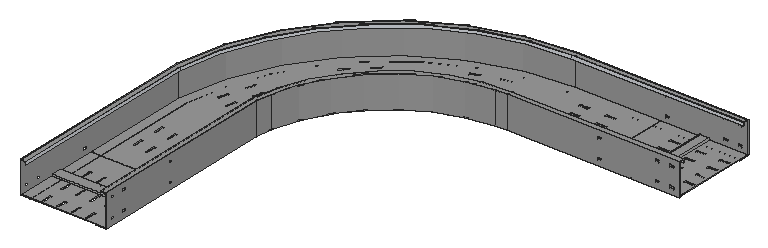
Revit family "Bogen 90- WRB 90130FS", category Generic Models, Revit 2017
Family settings
  Can host rebar = No
  Round Connector Dimension = Use Diameter
  Part Type = Normal
  Work Plane-Based = No
  Always vertical = Yes
  Cut with Voids When Loaded = No
  Shared = No
  Room Calculation Point = No
Parameters (values of type "WRB 90 130 FS")
  URL = "http://www.obo-bettermann.com"
  Material = Strip galvanised
  Manufacturer Art.No. = "6098308"
  Manufacturer = "OBO BETTERMANN"
  GTIN = "4012196351916"
  Cut's number = 2
  Article Type = "WRB 90 130 FS"
Reference planes
  plane 1 "Center (Front/Back)": y = 0
  plane 2: z = 0
  plane 3 "Center (Left/Right)": x = 0
  plane 4: y = 293
  plane 5: x = 1096.5
  plane 6: z = -1096.5
  plane 7: x = 1096.5
  plane 8: x = 1096.5
  plane 9: through (1096.5, -1524, -1096.5) normal (-0.7071, 0, -0.7071)
  plane 10: y = -1096.5
  plane 11: through (1096.5, -1096.5, 1200) normal (-0.7071, -0.7071, 0)
  plane 12: x = 796.5
  plane 13: x = 796.5
  plane 14: y = -1096.5
  plane 15: y = -796.5
  plane 16: y = -946.5
  plane 17: y = -961.5
  plane 18: y = -931.5
  plane 19: z = 6.33
  plane 20: y = -796.5
  plane 21: z = -1.649
  plane 22: z = 108.351
  plane 23: z = 106.851
  plane 24: z = 96.851
  plane 25: y = -1071.5
  plane 26: x = -146.5
  plane 27: x = -121.5
  plane 28: x = -171.5
  plane 29: y = -1071.5
  plane 30: x = -96.5
  plane 31: x = -71.5
  plane 32: x = -121.5
  plane 33: y = -1071.5
  plane 34: x = -196.5
  plane 35: x = -171.5
  plane 36: x = -221.5
  plane 37: y = -1071.5
  plane 38: x = -246.5
  plane 39: x = -221.5
  plane 40: x = -271.5
  plane 41: y = -946.5
  plane 42: y = -991.5
  plane 43: y = -1071.5
  plane 44: y = -991.5
  plane 45: x = -146.5
  plane 46: x = -121.5
  plane 47: x = -171.5
  plane 48: y = -991.5
  plane 49: x = -96.5
  plane 50: x = -71.5
  plane 51: x = -121.5
  plane 52: y = -991.5
  plane 53: x = -196.5
  plane 54: x = -171.5
  plane 55: x = -221.5
  plane 56: y = -991.5
  plane 57: x = -246.5
  plane 58: x = -221.5
  plane 59: x = -271.5
  plane 60: y = -901.5
  plane 61: x = -146.5
  plane 62: x = -121.5
  plane 63: x = -171.5
  plane 64: y = -901.5
  plane 65: x = -96.5
  plane 66: x = -71.5
  plane 67: x = -121.5
  plane 68: y = -901.5
  plane 69: x = -196.5
  plane 70: x = -171.5
  plane 71: x = -221.5
  plane 72: y = -901.5
  plane 73: x = -246.5
  plane 74: x = -221.5
  plane 75: x = -271.5
  plane 76: x = 1096.5
  plane 77: x = 796.5
  plane 78: x = 946.5
  plane 79: x = 961.5
  plane 80: x = 931.5
  plane 81: z = 6.33
  plane 82: x = 1071.5
  plane 83: y = 146.5
  plane 84: y = 121.5
  plane 85: y = 171.5
  plane 86: x = 1071.5
  plane 87: y = 196.5
  plane 88: y = 171.5
  plane 89: y = 221.5
  plane 90: x = 1071.5
  plane 91: y = 246.5
  plane 92: y = 221.5
  plane 93: y = 271.5
  plane 94: x = 1071.5
  plane 95: y = 96.5
  plane 96: y = 71.5
  plane 97: y = 121.5
  plane 98: x = 1071.5
  plane 99: y = 146.5
  plane 100: y = 121.5
  plane 101: y = 171.5
  plane 102: x = 991.5
  plane 103: y = 146.5
  plane 104: y = 121.5
  plane 105: y = 171.5
  plane 106: x = 991.5
  plane 107: y = 196.5
  plane 108: y = 171.5
  plane 109: y = 221.5
  plane 110: x = 991.5
  plane 111: y = 246.5
  plane 112: y = 221.5
  plane 113: y = 271.5
  plane 114: x = 991.5
  plane 115: y = 96.5
  plane 116: y = 71.5
  plane 117: y = 121.5
  plane 118: x = 901.5
  plane 119: y = 146.5
  plane 120: y = 121.5
  plane 121: y = 171.5
  plane 122: x = 901.5
  plane 123: y = 196.5
  plane 124: y = 171.5
  plane 125: y = 221.5
  plane 126: x = 901.5
  plane 127: y = 246.5
  plane 128: y = 221.5
  plane 129: y = 271.5
  plane 130: x = 901.5
  plane 131: y = 96.5
  plane 132: y = 71.5
  plane 133: y = 121.5
  plane 134: through (796.5, -796.5, 1200) normal (-0.1564, -0.9877, 0)
  plane 135: through (796.5, -796.5, 1200) normal (-0.1564, -0.9877, 0)
  plane 136: through (796.5, -796.5, 1200) normal (-0.454, -0.891, 0)
  plane 137: through (796.5, -796.5, 1200) normal (-0.7071, -0.7071, 0)
  plane 138: through (796.5, -796.5, 1200) normal (-0.891, -0.454, 0)
  plane 139: through (796.5, -796.5, 1200) normal (-0.9877, -0.1564, 0)
  plane 140: z = 85.851
  plane 141: z = 20.851
  plane 142: x = 1071.5
  plane 143: z = 20.851
  plane 144: z = -44.149
  plane 145: x = 1071.5
  plane 146: z = 85.851
  plane 147: z = 20.851
  plane 148: x = 1071.5
  plane 149: z = 85.851
  plane 150: z = 20.851
  plane 151: x = 1021.5
  plane 152: z = 20.851
  plane 153: z = -44.149
  plane 154: x = 1021.5
  plane 155: z = 85.851
  plane 156: z = 20.851
  plane 157: x = 821.5
  plane 158: z = 20.851
  plane 159: z = -44.149
  plane 160: x = 821.5
  plane 161: z = 85.851
  plane 162: z = 20.851
  plane 163: x = 821.5
  plane 164: z = 85.851
  plane 165: z = 20.851
  plane 166: y = -1071.5
  plane 167: z = 20.851
  plane 168: z = -44.149
  plane 169: y = -1071.5
  plane 170: z = 85.851
  plane 171: z = 20.851
  plane 172: y = -1021.5
  plane 173: z = 20.851
  plane 174: z = -44.149
  plane 175: y = -1021.5
  plane 176: z = 85.851
  plane 177: z = 20.851
  plane 178: y = -821.5
  plane 179: z = 20.851
  plane 180: z = -44.149
  plane 181: y = -821.5
  plane 182: x = -146.5
Forms (mm)
  Extrusion 1, solid, material "Strip galvanised" <- "Material"
    sketch origin (0, 15.95, -0.17) x (0, -1, 0) y (0, 0, -1)
      loop
        line (1112.45, -0.021) -> (980.238, -0.021) -> (977.45, -5) -> (947.45, -5) -> (944.563, 0) -> (812.45, 0) -> (812.45, -1.5) -> (943.697, -1.5) -> (946.584, -6.5) -> (978.316, -6.5) -> (981.105, -1.521) -> (1112.45, -1.521) -> (1112.45, -0.021)
    from 0 to -293
  Extrusion 2, solid, material "Strip galvanised" <- "Material"
    sketch origin (0, 0, 0) x (1, 0, 0) y (0, 1, 0)
      loop
        arc (463.565, -1.539) -> (482.519, -0.447) -> (501.5, 0) r 557.897
        line (501.5, 0) -> (796.5, 0) -> (796.5, 293) -> (496.5, 293)
        arc (496.5, 293) -> (462.173, 292.162) -> (427.927, 289.648) r 703.136
        arc (427.927, 289.648) -> (-59.388, 63.604) -> (-293, -420.129) r 798
        line (-293, -420.129) -> (-293, -796.5) -> (0, -796.5) -> (0, -443.283)
        arc (0, -443.283) -> (152.817, -139.545) -> (463.565, -1.539) r 505
    from -0.149 to 1.33
  Extrusion 3, solid, material "Strip galvanised" <- "Material"
    sketch origin (0, 0, 0) x (1, 0, 0) y (0, 1, 0)
      loop
        line (1096.5, 293) -> (796.5, 293) -> (502.349, 293)
        arc (502.349, 293) -> (-32.806, 87.553) -> (-293, -423.23) r 799.719
        line (-293, -423.23) -> (-293, -796.5) -> (-293, -1096.5) -> (-258, -1096.5) -> (-258, -796.5) -> (-258, -424.953)
        arc (-258, -424.953) -> (-12.345, 61.905) -> (496.5, 258) r 758.248
        line (496.5, 258) -> (796.5, 258) -> (1096.5, 258) -> (1096.5, 293)
    from -1.649 to 0
  Extrusion 4, solid, material "Strip galvanised" <- "Material"
    sketch origin (0, 0, 0) x (1, 0, 0) y (0, 1, 0)
      loop
        line (1096.5, 0) -> (1096.5, 35) -> (500.499, 35)
        arc (500.499, 35) -> (484.284, 34.634) -> (468.083, 33.848) r 627.374
        arc (468.083, 33.848) -> (148.897, -95.887) -> (-26.866, -392.227) r 540
        arc (-26.866, -392.227) -> (-32.143, -422.745) -> (-35, -453.583) r 392.897
        line (-35, -453.583) -> (-35, -1096.5) -> (0, -1096.5) -> (0, -453.583)
        arc (0, -453.583) -> (2.663, -426.426) -> (7.36, -399.545) r 362.597
        arc (7.36, -399.545) -> (162.006, -131.004) -> (444.376, -3.342) r 505
        arc (444.376, -3.342) -> (472.393, -0.923) -> (500.499, 0) r 527.89
        line (500.499, 0) -> (1096.5, 0)
    from -1.649 to -0.149
  Extrusion 5, solid, material "Strip galvanised"
    sketch origin (0, 0, 0) x (1, 0, 0) y (0, 1, 0)
      loop
        line (1096.5, 293) -> (1096.5, 294.5) -> (502.349, 294.5)
        arc (502.349, 294.5) -> (-32.802, 89.701) -> (-294.5, -420.047) r 801.589
        line (-294.5, -420.047) -> (-294.5, -1096.5) -> (-293, -1096.5) -> (-293, -420.129)
        arc (-293, -420.129) -> (-31.77, 88.611) -> (502.349, 293) r 800.089
        line (502.349, 293) -> (1096.5, 293)
    from -1.649 to 108.351
  Extrusion 6, solid, material "Strip galvanised" <- "Material"
    sketch origin (0, 0, 0) x (1, 0, 0) y (0, 1, 0)
      loop
        line (1096.5, 0) -> (501.5, 0)
        arc (501.5, 0) -> (482.519, -0.447) -> (463.565, -1.539) r 557.897
        arc (463.565, -1.539) -> (169.208, -124.599) -> (7.36, -399.545) r 505
        arc (7.36, -399.545) -> (2.663, -426.426) -> (0, -453.583) r 362.597
        line (0, -453.583) -> (0, -1096.5) -> (1.5, -1096.5) -> (1.5, -453.628)
        arc (1.5, -453.628) -> (4.152, -426.606) -> (8.827, -399.859) r 361.097
        arc (8.827, -399.859) -> (170.194, -125.73) -> (463.676, -3.035) r 503.5
        arc (463.676, -3.035) -> (482.578, -1.946) -> (501.505, -1.5) r 556.397
        line (501.505, -1.5) -> (1096.5, -1.5) -> (1096.5, 0)
    from -1.649 to 108.351
  Extrusion 7, solid
    sketch origin (0, 0, 0) x (1, 0, 0) y (0, 1, 0)
      loop
        line (1096.5, 274.5) -> (1096.5, 276) -> (502.349, 276)
        arc (502.349, 276) -> (-25.53, 70.703) -> (-276, -437.302) r 781.315
        line (-276, -437.302) -> (-276, -1096.5) -> (-274.5, -1096.5) -> (-274.5, -437.367)
        arc (-274.5, -437.367) -> (-24.493, 69.619) -> (502.349, 274.5) r 779.815
        line (502.349, 274.5) -> (1096.5, 274.5)
      loop
        line (1096.5, 18.5) -> (501.505, 18.5)
        arc (501.505, 18.5) -> (150.613, -116.847) -> (-18.5, -452.771) r 522.525
        line (-18.5, -452.771) -> (-18.5, -1096.5) -> (-17, -1096.5) -> (-17, -452.845)
        arc (-17, -452.845) -> (151.647, -117.934) -> (501.505, 17) r 521.025
        line (501.505, 17) -> (1096.5, 17) -> (1096.5, 18.5)
    from 96.851 to 106.851
  Extrusion 8, void
    sketch origin (0, 0, 0) x (1, 0, 0) y (0, 1, 0)
      loop
        line (-125, -1055.5) -> (-125, -1087.5) -> (-118, -1087.5) -> (-118, -1055.5) -> (-125, -1055.5)
    from -1.649 to 1.351
  Extrusion 9, void
    sketch origin (50, 0, 0) x (1, 0, 0) y (0, 1, 0)
      loop
        line (-125, -1055.5) -> (-125, -1087.5) -> (-118, -1087.5) -> (-118, -1055.5) -> (-125, -1055.5)
    from -1.649 to 1.351
  Extrusion 10, void
    sketch origin (-50, 0, 0) x (1, 0, 0) y (0, 1, 0)
      loop
        line (-125, -1055.5) -> (-125, -1087.5) -> (-118, -1087.5) -> (-118, -1055.5) -> (-125, -1055.5)
    from -1.649 to 1.351
  Extrusion 11, void
    sketch origin (-100, 0, 0) x (1, 0, 0) y (0, 1, 0)
      loop
        line (-125, -1055.5) -> (-125, -1087.5) -> (-118, -1087.5) -> (-118, -1055.5) -> (-125, -1055.5)
    from -1.649 to 1.351
  Extrusion 12, void
    sketch origin (0, 80, 0) x (1, 0, 0) y (0, 1, 0)
      loop
        line (-125, -1055.5) -> (-125, -1087.5) -> (-118, -1087.5) -> (-118, -1055.5) -> (-125, -1055.5)
    from -1.649 to 1.351
  Extrusion 13, void
    sketch origin (50, 80, 0) x (1, 0, 0) y (0, 1, 0)
      loop
        line (-125, -1055.5) -> (-125, -1087.5) -> (-118, -1087.5) -> (-118, -1055.5) -> (-125, -1055.5)
    from -1.649 to 1.351
  Extrusion 14, void
    sketch origin (-50, 80, 0) x (1, 0, 0) y (0, 1, 0)
      loop
        line (-125, -1055.5) -> (-125, -1087.5) -> (-118, -1087.5) -> (-118, -1055.5) -> (-125, -1055.5)
    from -1.649 to 1.351
  Extrusion 15, void
    sketch origin (-100, 80, 0) x (1, 0, 0) y (0, 1, 0)
      loop
        line (-125, -1055.5) -> (-125, -1087.5) -> (-118, -1087.5) -> (-118, -1055.5) -> (-125, -1055.5)
    from -1.649 to 1.351
  Extrusion 16, void
    sketch origin (0, 170, 0) x (1, 0, 0) y (0, 1, 0)
      loop
        line (-125, -1055.5) -> (-125, -1087.5) -> (-118, -1087.5) -> (-118, -1055.5) -> (-125, -1055.5)
    from -1.649 to 1.351
  Extrusion 17, void
    sketch origin (50, 170, 0) x (1, 0, 0) y (0, 1, 0)
      loop
        line (-125, -1055.5) -> (-125, -1087.5) -> (-118, -1087.5) -> (-118, -1055.5) -> (-125, -1055.5)
    from -1.649 to 1.351
  Extrusion 18, void
    sketch origin (-50, 170, 0) x (1, 0, 0) y (0, 1, 0)
      loop
        line (-125, -1055.5) -> (-125, -1087.5) -> (-118, -1087.5) -> (-118, -1055.5) -> (-125, -1055.5)
    from -1.649 to 1.351
  Extrusion 19, void
    sketch origin (-100, 170, 0) x (1, 0, 0) y (0, 1, 0)
      loop
        line (-125, -1055.5) -> (-125, -1087.5) -> (-118, -1087.5) -> (-118, -1055.5) -> (-125, -1055.5)
    from -1.649 to 1.351
  Extrusion 20, solid, material "Strip galvanised" <- "Material"
    sketch origin (-15.95, 0, -0.17) x (1, 0, 0) y (0, 0, 1)
      loop
        line (1112.45, 0.021) -> (1112.45, 1.521) -> (981.105, 1.521) -> (978.316, 6.5) -> (946.584, 6.5) -> (943.697, 1.5) -> (812.45, 1.5) -> (812.45, 0) -> (944.563, 0) -> (947.45, 5) -> (977.45, 5) -> (980.238, 0.021) -> (1112.45, 0.021)
    from 0 to -293
  Extrusion 21, void
    sketch origin (0, 0, 0) x (0, -1, 0) y (1, 0, 0)
      loop
        line (-125, 1055.5) -> (-118, 1055.5) -> (-118, 1087.5) -> (-125, 1087.5) -> (-125, 1055.5)
    from -1.649 to 1.351
  Extrusion 22, void
    sketch origin (0, 50, 0) x (0, -1, 0) y (1, 0, 0)
      loop
        line (-125, 1055.5) -> (-118, 1055.5) -> (-118, 1087.5) -> (-125, 1087.5) -> (-125, 1055.5)
    from -1.649 to 1.351
  Extrusion 23, void
    sketch origin (0, 100, 0) x (0, -1, 0) y (1, 0, 0)
      loop
        line (-125, 1055.5) -> (-118, 1055.5) -> (-118, 1087.5) -> (-125, 1087.5) -> (-125, 1055.5)
    from -1.649 to 1.351
  Extrusion 24, void
    sketch origin (0, -50, 0) x (0, -1, 0) y (1, 0, 0)
      loop
        line (-125, 1055.5) -> (-118, 1055.5) -> (-118, 1087.5) -> (-125, 1087.5) -> (-125, 1055.5)
    from -1.649 to 1.351
  Extrusion 25, void, not visible
    sketch origin (0, 0, 0) x (0, -1, 0) y (1, 0, 0)
      loop
        line (-125, 1055.5) -> (-118, 1055.5) -> (-118, 1087.5) -> (-125, 1087.5) -> (-125, 1055.5)
    from -1.649 to 1.351
  Extrusion 26, void
    sketch origin (-80, 0, 0) x (0, -1, 0) y (1, 0, 0)
      loop
        line (-125, 1055.5) -> (-118, 1055.5) -> (-118, 1087.5) -> (-125, 1087.5) -> (-125, 1055.5)
    from -1.649 to 1.351
  Extrusion 27, void
    sketch origin (-80, 50, 0) x (0, -1, 0) y (1, 0, 0)
      loop
        line (-125, 1055.5) -> (-118, 1055.5) -> (-118, 1087.5) -> (-125, 1087.5) -> (-125, 1055.5)
    from -1.649 to 1.351
  Extrusion 28, void
    sketch origin (-80, 100, 0) x (0, -1, 0) y (1, 0, 0)
      loop
        line (-125, 1055.5) -> (-118, 1055.5) -> (-118, 1087.5) -> (-125, 1087.5) -> (-125, 1055.5)
    from -1.649 to 1.351
  Extrusion 29, void
    sketch origin (-80, -50, 0) x (0, -1, 0) y (1, 0, 0)
      loop
        line (-125, 1055.5) -> (-118, 1055.5) -> (-118, 1087.5) -> (-125, 1087.5) -> (-125, 1055.5)
    from -1.649 to 1.351
  Extrusion 30, void
    sketch origin (-170, 0, 0) x (0, -1, 0) y (1, 0, 0)
      loop
        line (-125, 1055.5) -> (-118, 1055.5) -> (-118, 1087.5) -> (-125, 1087.5) -> (-125, 1055.5)
    from -1.649 to 1.351
  Extrusion 31, void
    sketch origin (-170, 50, 0) x (0, -1, 0) y (1, 0, 0)
      loop
        line (-125, 1055.5) -> (-118, 1055.5) -> (-118, 1087.5) -> (-125, 1087.5) -> (-125, 1055.5)
    from -1.649 to 1.351
  Extrusion 32, void
    sketch origin (-170, 100, 0) x (0, -1, 0) y (1, 0, 0)
      loop
        line (-125, 1055.5) -> (-118, 1055.5) -> (-118, 1087.5) -> (-125, 1087.5) -> (-125, 1055.5)
    from -1.649 to 1.351
  Extrusion 33, void
    sketch origin (-170, -50, 0) x (0, -1, 0) y (1, 0, 0)
      loop
        line (-125, 1055.5) -> (-118, 1055.5) -> (-118, 1087.5) -> (-125, 1087.5) -> (-125, 1055.5)
    from -1.649 to 1.351
  Extrusion 34, void
    sketch origin (0, 0, 0) x (1, 0, 0) y (0, 1, 0)
      loop
        line (-75, -687.829) -> (-75, -720.228) -> (-68, -721.337) -> (-68, -688.938) -> (-75, -687.829)
      loop
        line (-125, -679.91) -> (-125, -712.309) -> (-118, -713.418) -> (-118, -681.019) -> (-125, -679.91)
      loop
        line (-175, -671.991) -> (-175, -704.39) -> (-168, -705.499) -> (-168, -673.1) -> (-175, -671.991)
      loop
        line (-225, -664.072) -> (-225, -696.471) -> (-218, -697.579) -> (-218, -665.18) -> (-225, -664.072)
    from -1.649 to 1.33
  Extrusion 35, void
    sketch origin (0, 0, 0) x (1, 0, 0) y (0, 1, 0)
      loop
        line (-75, -596.708) -> (-75, -629.106) -> (-68, -630.215) -> (-68, -597.816) -> (-75, -596.708)
      loop
        line (-118, -589.897) -> (-125, -588.788) -> (-125, -621.187) -> (-118, -622.296) -> (-118, -589.897)
      loop
        line (-168, -581.978) -> (-175, -580.869) -> (-175, -613.268) -> (-168, -614.377) -> (-168, -581.978)
      loop
        line (-225, -572.95) -> (-225, -605.349) -> (-218, -606.457) -> (-218, -574.059) -> (-225, -572.95)
      loop
        arc (-41.648, -300.98) -> (-47.076, -316.209) -> (-52.066, -331.587) r 564.26
        line (-52.066, -331.587) -> (-45.734, -334.813)
        arc (-45.734, -334.813) -> (-40.774, -319.421) -> (-35.369, -304.179) r 557.26
        line (-35.369, -304.179) -> (-41.648, -300.98)
      loop
        arc (-86.468, -278.143) -> (-92.047, -293.289) -> (-97.227, -308.576) r 614.26
        line (-97.227, -308.576) -> (-90.91, -311.794)
        arc (-90.91, -311.794) -> (-85.756, -296.496) -> (-80.196, -281.339) r 607.26
        line (-80.196, -281.339) -> (-86.468, -278.143)
      loop
        line (-124.98, -258.521) -> (-131.247, -255.327)
        arc (-131.247, -255.327) -> (-136.954, -270.403) -> (-142.294, -285.613) r 664.26
        line (-142.294, -285.613) -> (-135.989, -288.826)
        arc (-135.989, -288.826) -> (-130.671, -273.606) -> (-124.98, -258.521) r 657.26
      loop
        line (-169.731, -235.719) -> (-175.994, -232.528)
        arc (-175.994, -232.528) -> (-181.811, -247.544) -> (-187.288, -262.688) r 714.26
        line (-187.288, -262.688) -> (-180.992, -265.895)
        arc (-180.992, -265.895) -> (-175.533, -250.743) -> (-169.731, -235.719) r 707.26
      loop
        line (-60.105, -392.585) -> (-66.593, -389.279)
        arc (-66.593, -389.279) -> (-69.583, -405.798) -> (-72.08, -422.398) r 564.26
        line (-72.08, -422.398) -> (-65.467, -425.768)
        arc (-65.467, -425.768) -> (-63.036, -409.136) -> (-60.105, -392.585) r 557.26
      loop
        line (-106.315, -369.04) -> (-112.761, -365.756)
        arc (-112.761, -365.756) -> (-116.127, -382.068) -> (-119.049, -398.466) r 614.26
        line (-119.049, -398.466) -> (-112.5, -401.803)
        arc (-112.5, -401.803) -> (-109.632, -385.379) -> (-106.315, -369.04) r 607.26
      loop
        line (-152.26, -345.63) -> (-158.675, -342.362)
        arc (-158.675, -342.362) -> (-162.354, -358.504) -> (-165.629, -374.733) r 664.26
        line (-165.629, -374.733) -> (-159.128, -378.045)
        arc (-159.128, -378.045) -> (-155.898, -361.794) -> (-152.26, -345.63) r 657.26
      loop
        line (-198, -322.325) -> (-204.389, -319.069)
        arc (-204.389, -319.069) -> (-208.334, -335.067) -> (-211.908, -351.153) r 714.26
        line (-211.908, -351.153) -> (-205.444, -354.446)
        arc (-205.444, -354.446) -> (-201.909, -338.342) -> (-198, -322.325) r 707.26
      loop
        line (143.868, -57.601) -> (138.887, -52.62)
        arc (138.887, -52.62) -> (126.485, -62.819) -> (114.368, -73.356) r 582.688
        line (114.368, -73.356) -> (119.326, -78.313)
        arc (119.326, -78.313) -> (131.452, -67.786) -> (143.868, -57.601) r 575.688
      loop
        line (108.306, -22.039) -> (103.33, -17.063)
        arc (103.33, -17.063) -> (91.014, -27.352) -> (78.962, -37.95) r 632.688
        line (78.962, -37.95) -> (83.918, -42.906)
        arc (83.918, -42.906) -> (95.978, -32.316) -> (108.306, -22.039) r 625.688
      loop
        line (72.775, 13.492) -> (67.803, 18.464)
        arc (67.803, 18.464) -> (55.56, 8.099) -> (43.563, -2.551) r 682.688
        line (43.563, -2.551) -> (48.519, -7.506)
        arc (48.519, -7.506) -> (60.522, 3.137) -> (72.775, 13.492) r 675.688
      loop
        line (37.269, 48.998) -> (32.3, 53.967)
        arc (32.3, 53.967) -> (20.12, 43.537) -> (8.17, 32.842) r 732.688
        line (8.17, 32.842) -> (13.125, 27.887)
        arc (13.125, 27.887) -> (25.08, 38.576) -> (37.269, 48.998) r 725.688
      loop
        line (78.062, -119.075) -> (73.108, -114.12)
        arc (73.108, -114.12) -> (62.435, -126.097) -> (52.096, -138.363) r 582.688
        line (52.096, -138.363) -> (57.07, -143.337)
        arc (57.07, -143.337) -> (67.397, -131.06) -> (78.062, -119.075) r 575.688
      loop
        line (42.675, -83.687) -> (37.721, -78.733)
        arc (37.721, -78.733) -> (26.998, -90.657) -> (16.581, -102.848) r 632.688
        line (16.581, -102.848) -> (21.552, -107.819)
        arc (21.552, -107.819) -> (31.959, -95.618) -> (42.675, -83.687) r 625.688
      loop
        line (7.293, -48.305) -> (2.339, -43.352)
        arc (2.339, -43.352) -> (-8.426, -55.229) -> (-18.91, -67.357) r 682.688
        line (-18.91, -67.357) -> (-13.943, -72.324)
        arc (-13.943, -72.324) -> (-3.468, -60.189) -> (7.293, -48.305) r 675.688
      loop
        line (-28.086, -12.926) -> (-33.039, -7.973)
        arc (-33.039, -7.973) -> (-43.842, -19.812) -> (-54.383, -31.884) r 732.688
        line (-54.383, -31.884) -> (-49.418, -36.849)
        arc (-49.418, -36.849) -> (-38.884, -24.77) -> (-28.086, -12.926) r 725.688
      loop
        line (427.046, 62.957) -> (423.679, 69.567)
        arc (423.679, 69.567) -> (407.086, 67.05) -> (390.572, 64.056) r 582.688
        line (390.572, 64.056) -> (393.814, 57.694)
        arc (393.814, 57.694) -> (410.399, 60.523) -> (427.046, 62.957) r 707.547
      loop
        line (336.056, 43.294) -> (332.828, 49.629)
        arc (332.828, 49.629) -> (317.421, 44.697) -> (302.157, 39.34) r 582.688
        line (302.157, 39.34) -> (305.358, 33.057)
        arc (305.358, 33.057) -> (320.635, 38.391) -> (336.056, 43.294) r 575.688
      loop
        line (403.035, 110.083) -> (399.697, 116.634)
        arc (399.697, 116.634) -> (383.287, 113.732) -> (366.96, 110.397) r 630
        line (366.96, 110.397) -> (370.247, 103.947)
        arc (370.247, 103.947) -> (386.6, 107.234) -> (403.035, 110.083) r 623
      loop
        line (379.268, 156.727) -> (375.954, 163.231)
        arc (375.954, 163.231) -> (359.711, 159.982) -> (343.552, 156.339) r 680
        line (343.552, 156.339) -> (346.822, 149.92)
        arc (346.822, 149.92) -> (363.003, 153.524) -> (379.268, 156.727) r 673
      loop
        arc (352.363, 209.531) -> (336.262, 205.988) -> (320.245, 202.082) r 730
        line (320.245, 202.082) -> (323.502, 195.688)
        arc (323.502, 195.688) -> (339.538, 199.56) -> (355.658, 203.065) r 723
        line (355.658, 203.065) -> (352.363, 209.531)
      loop
        line (266.975, 178.874) -> (263.765, 185.173)
        arc (263.765, 185.173) -> (248.587, 179.765) -> (233.532, 174.022) r 730
        line (233.532, 174.022) -> (236.725, 167.756)
        arc (236.725, 167.756) -> (251.788, 173.484) -> (266.975, 178.874) r 723
      loop
        arc (286.706, 140.15) -> (271.46, 134.881) -> (256.344, 129.252) r 680
        line (256.344, 129.252) -> (259.539, 122.981)
        arc (259.539, 122.981) -> (274.665, 128.593) -> (289.92, 133.841) r 673
        line (289.92, 133.841) -> (286.706, 140.15)
      loop
        arc (309.685, 95.05) -> (294.361, 89.944) -> (279.174, 84.445) r 630
        line (279.174, 84.445) -> (282.372, 78.169)
        arc (282.372, 78.169) -> (297.57, 83.647) -> (312.906, 88.729) r 623
        line (312.906, 88.729) -> (309.685, 95.05)
      loop
        line (721.337, 68) -> (720.228, 75) -> (687.829, 75) -> (688.938, 68) -> (721.337, 68)
      loop
        line (713.418, 118) -> (712.309, 125) -> (679.91, 125) -> (681.019, 118) -> (713.418, 118)
      loop
        line (705.499, 168) -> (704.39, 175) -> (671.991, 175) -> (673.1, 168) -> (705.499, 168)
      loop
        line (697.579, 218) -> (696.471, 225) -> (664.072, 225) -> (665.18, 218) -> (697.579, 218)
      loop
        line (630.215, 68) -> (629.106, 75) -> (596.708, 75) -> (597.816, 68) -> (630.215, 68)
      loop
        line (622.296, 118) -> (621.187, 125) -> (588.788, 125) -> (589.897, 118) -> (622.296, 118)
      loop
        line (614.377, 168) -> (613.268, 175) -> (581.423, 175) -> (582.532, 168) -> (614.377, 168)
      loop
        line (606.457, 218) -> (605.349, 225) -> (572.95, 225) -> (574.059, 218) -> (606.457, 218)
    from -1.649 to 1.33
  Extrusion 36, void
    sketch origin (0, 0, 0) x (1, 0, 0) y (0, 0, 1)
      loop
        line (1064, 90.351) -> (1064, 81.351) -> (1079, 81.351) -> (1079, 90.351) -> (1064, 90.351)
    from 0 to 1.5
  Extrusion 37, void
    sketch origin (0, 0, -65) x (1, 0, 0) y (0, 0, 1)
      loop
        line (1064, 90.351) -> (1064, 81.351) -> (1079, 81.351) -> (1079, 90.351) -> (1064, 90.351)
    from 0 to 1.5
  Extrusion 38, void, not visible
    sketch origin (0, 0, 0) x (1, 0, 0) y (0, 0, 1)
      loop
        line (1064, 90.351) -> (1064, 81.351) -> (1079, 81.351) -> (1079, 90.351) -> (1064, 90.351)
    from 0 to 1.5
  Extrusion 39, void
    sketch origin (-50, 0, 0) x (1, 0, 0) y (0, 0, 1)
      loop
        line (1064, 90.351) -> (1064, 81.351) -> (1079, 81.351) -> (1079, 90.351) -> (1064, 90.351)
    from 0 to 1.5
  Extrusion 40, void
    sketch origin (-50, 0, -65) x (1, 0, 0) y (0, 0, 1)
      loop
        line (1064, 90.351) -> (1064, 81.351) -> (1079, 81.351) -> (1079, 90.351) -> (1064, 90.351)
    from 0 to 1.5
  Extrusion 41, void
    sketch origin (-250, 0, 0) x (1, 0, 0) y (0, 0, 1)
      loop
        line (1064, 90.351) -> (1064, 81.351) -> (1079, 81.351) -> (1079, 90.351) -> (1064, 90.351)
    from 0 to 1.5
  Extrusion 42, void
    sketch origin (-250, 0, -65) x (1, 0, 0) y (0, 0, 1)
      loop
        line (1064, 90.351) -> (1064, 81.351) -> (1079, 81.351) -> (1079, 90.351) -> (1064, 90.351)
    from 0 to 1.5
  Extrusion 43, void
    sketch origin (0, 0, 0) x (1, 0, 0) y (0, 0, 1)
      loop
        line (1079, 90.351) -> (1064, 90.351) -> (1064, 81.351) -> (1079, 81.351) -> (1079, 90.351)
      loop
        line (1029, 90.351) -> (1014, 90.351) -> (1014, 81.351) -> (1029, 81.351) -> (1029, 90.351)
    from -294.5 to -293
  Extrusion 44, void
    sketch origin (0, 0, -65) x (1, 0, 0) y (0, 0, 1)
      loop
        line (1079, 90.351) -> (1064, 90.351) -> (1064, 81.351) -> (1079, 81.351) -> (1079, 90.351)
      loop
        line (1029, 90.351) -> (1014, 90.351) -> (1014, 81.351) -> (1029, 81.351) -> (1029, 90.351)
    from -294.5 to -293
  Extrusion 45, void
    sketch origin (-250, 0, 0) x (1, 0, 0) y (0, 0, 1)
      loop
        line (1064, 90.351) -> (1064, 81.351) -> (1079, 81.351) -> (1079, 90.351) -> (1064, 90.351)
    from 0 to 1.5
  Extrusion 46, void
    sketch origin (-200, 0, 0) x (1, 0, 0) y (0, 0, 1)
      loop
        line (1029, 90.351) -> (1014, 90.351) -> (1014, 81.351) -> (1029, 81.351) -> (1029, 90.351)
    from -294.5 to -293
  Extrusion 47, void
    sketch origin (-200, 0, -65) x (1, 0, 0) y (0, 0, 1)
      loop
        line (1029, 90.351) -> (1014, 90.351) -> (1014, 81.351) -> (1029, 81.351) -> (1029, 90.351)
    from -294.5 to -293
  Extrusion 48, solid, material "Strip galvanised" <- "Material"
    sketch origin (0, 0, 0) x (1, 0, 0) y (0, 1, 0)
      loop
        line (1096.5, 293) -> (796.5, 293) -> (502.453, 293)
        arc (502.453, 293) -> (-31.705, 88.617) -> (-293, -420.129) r 800.205
        line (-293, -420.129) -> (-293, -1096.5) -> (-276, -1096.5) -> (-276, -437.297)
        arc (-276, -437.297) -> (-22.09, 73.817) -> (511.604, 276) r 781.459
        line (511.604, 276) -> (1096.5, 276) -> (1096.5, 293)
      loop
        line (-17, -1096.5) -> (0, -1096.5) -> (0, -443.283)
        arc (0, -443.283) -> (166.835, -126.706) -> (501.5, 0) r 505.323
        line (501.5, 0) -> (1096.5, 0) -> (1096.5, 17) -> (503.188, 17)
        arc (503.188, 17) -> (152.707, -117.85) -> (-17, -452.845) r 522.886
        line (-17, -452.845) -> (-17, -1096.5)
    from 106.851 to 108.351
  Extrusion 49, void
    sketch origin (0, 0, 0) x (0, -1, 0) y (0, 0, -1)
      loop
        line (1064, -90.351) -> (1079, -90.351) -> (1079, -81.351) -> (1064, -81.351) -> (1064, -90.351)
    from 0 to 1.5
  Extrusion 50, void
    sketch origin (0, 0, -65) x (0, -1, 0) y (0, 0, -1)
      loop
        line (1064, -90.351) -> (1079, -90.351) -> (1079, -81.351) -> (1064, -81.351) -> (1064, -90.351)
    from 0 to 1.5
  Extrusion 51, void
    sketch origin (0, 50, 0) x (0, -1, 0) y (0, 0, -1)
      loop
        line (1064, -90.351) -> (1079, -90.351) -> (1079, -81.351) -> (1064, -81.351) -> (1064, -90.351)
    from 0 to 1.5
  Extrusion 52, void
    sketch origin (0, 50, -65) x (0, -1, 0) y (0, 0, -1)
      loop
        line (1064, -90.351) -> (1079, -90.351) -> (1079, -81.351) -> (1064, -81.351) -> (1064, -90.351)
    from 0 to 1.5
  Extrusion 53, void
    sketch origin (0, 250, 0) x (0, -1, 0) y (0, 0, -1)
      loop
        line (1064, -90.351) -> (1079, -90.351) -> (1079, -81.351) -> (1064, -81.351) -> (1064, -90.351)
    from 0 to 1.5
  Extrusion 54, void
    sketch origin (0, 250, -65) x (0, -1, 0) y (0, 0, -1)
      loop
        line (1064, -90.351) -> (1079, -90.351) -> (1079, -81.351) -> (1064, -81.351) -> (1064, -90.351)
    from 0 to 1.5
  Extrusion 55, void
    sketch origin (0, 0, 0) x (0, 1, 0) y (0, 0, 1)
      loop
        line (-1064, 90.351) -> (-1079, 90.351) -> (-1079, 81.351) -> (-1064, 81.351) -> (-1064, 90.351)
    from -294.5 to -293
  Extrusion 56, void
    sketch origin (0, 0, -65) x (0, 1, 0) y (0, 0, 1)
      loop
        line (-1064, 90.351) -> (-1079, 90.351) -> (-1079, 81.351) -> (-1064, 81.351) -> (-1064, 90.351)
    from -294.5 to -293
  Extrusion 57, void
    sketch origin (0, 50, 0) x (0, 1, 0) y (0, 0, 1)
      loop
        line (-1064, 90.351) -> (-1079, 90.351) -> (-1079, 81.351) -> (-1064, 81.351) -> (-1064, 90.351)
    from -294.5 to -293
  Extrusion 58, void
    sketch origin (0, 50, -65) x (0, 1, 0) y (0, 0, 1)
      loop
        line (-1064, 90.351) -> (-1079, 90.351) -> (-1079, 81.351) -> (-1064, 81.351) -> (-1064, 90.351)
    from -294.5 to -293
  Extrusion 59, void
    sketch origin (0, 250, 0) x (0, 1, 0) y (0, 0, 1)
      loop
        line (-1064, 90.351) -> (-1079, 90.351) -> (-1079, 81.351) -> (-1064, 81.351) -> (-1064, 90.351)
    from -294.5 to -293
  Extrusion 60, void
    sketch origin (0, 250, -65) x (0, 1, 0) y (0, 0, 1)
      loop
        line (-1064, 90.351) -> (-1079, 90.351) -> (-1079, 81.351) -> (-1064, 81.351) -> (-1064, 90.351)
    from -294.5 to -293
Cuts and joins
  Extrusion 8, Extrusion 9, Extrusion 10, Extrusion 11, Extrusion 12, Extrusion 13, Extrusion 14, Extrusion 15, Extrusion 16, Extrusion 17, Extrusion 18, Extrusion 19, Extrusion 21 cuts Extrusion 1
  Extrusion 21, Extrusion 22, Extrusion 23, Extrusion 24, Extrusion 26, Extrusion 27, Extrusion 28, Extrusion 29, Extrusion 30, Extrusion 31, Extrusion 32, Extrusion 33 cuts Extrusion 20
  Extrusion 34, Extrusion 35 cuts Extrusion 2
  Extrusion 36, Extrusion 37, Extrusion 39, Extrusion 40, Extrusion 41, Extrusion 42, Extrusion 43, Extrusion 45, Extrusion 49, Extrusion 50, Extrusion 51, Extrusion 52, Extrusion 53, Extrusion 54, Extrusion 55 cuts Extrusion 6
  Extrusion 43, Extrusion 44, Extrusion 46, Extrusion 47, Extrusion 55, Extrusion 56, Extrusion 57, Extrusion 58, Extrusion 59, Extrusion 60 cuts Extrusion 5
Dimensions and locks
  locked: plane 1 "Center (Front/Back)" to plane 4 at 293
  locked: plane 5 to plane 3 "Center (Left/Right)" at 1096.5
  locked: plane 10 to plane 1 "Center (Front/Back)" at 1096.5
  locked: plane 3 "Center (Left/Right)" to plane 5 at 1096.5
  locked: plane 14 to plane 15 at 300
  locked: plane 14 to plane 16 at 150
  locked: Extrusion 1 sketch curve to Extrusion 1 sketch curve at 6.5
  locked: Extrusion 1 sketch curve to Extrusion 1 sketch curve at 300
  locked: Extrusion 1 sketch curve to Extrusion 1 sketch curve at 1.5  (x2)
  locked: Extrusion 2 to plane 21 at 1.5
  locked: plane 22 to Extrusion 3 at 110
  locked: Extrusion 6 to plane 23 at 1.5
  locked: Extrusion 8 sketch curve to Extrusion 8 sketch curve at 7
  locked: Extrusion 8 sketch curve to plane 27 at 3.5
  locked: Extrusion 8 sketch curve to Extrusion 8 sketch curve at 32
  locked: plane 25 to Extrusion 8 sketch curve at 16
  locked: Extrusion 9 sketch curve to Extrusion 9 sketch curve at 7
  locked: Extrusion 9 sketch curve to plane 31 at 3.5
  locked: Extrusion 9 sketch curve to Extrusion 9 sketch curve at 32
  locked: plane 29 to Extrusion 9 sketch curve at 16
  locked: Extrusion 10 sketch curve to Extrusion 10 sketch curve at 7
  locked: Extrusion 10 sketch curve to plane 35 at 3.5
  locked: Extrusion 10 sketch curve to Extrusion 10 sketch curve at 32
  locked: plane 33 to Extrusion 10 sketch curve at 16
  locked: Extrusion 11 sketch curve to Extrusion 11 sketch curve at 7
  locked: Extrusion 11 sketch curve to plane 39 at 3.5
  locked: Extrusion 11 sketch curve to Extrusion 11 sketch curve at 32
  locked: plane 37 to Extrusion 11 sketch curve at 16
  locked: plane 43 to plane 10 at 25
  locked: plane 41 to plane 10 at 150
  locked: plane 41 to plane 42 at 45
  locked: Extrusion 12 sketch curve to Extrusion 12 sketch curve at 7
  locked: Extrusion 12 sketch curve to plane 46 at 3.5
  locked: Extrusion 12 sketch curve to Extrusion 12 sketch curve at 32
  locked: plane 44 to Extrusion 12 sketch curve at 16
  locked: Extrusion 13 sketch curve to Extrusion 13 sketch curve at 7
  locked: Extrusion 13 sketch curve to plane 50 at 3.5
  locked: Extrusion 13 sketch curve to Extrusion 13 sketch curve at 32
  locked: plane 48 to Extrusion 13 sketch curve at 16
  locked: Extrusion 14 sketch curve to Extrusion 14 sketch curve at 7
  locked: Extrusion 14 sketch curve to plane 54 at 3.5
  locked: Extrusion 14 sketch curve to Extrusion 14 sketch curve at 32
  locked: plane 52 to Extrusion 14 sketch curve at 16
  locked: Extrusion 15 sketch curve to Extrusion 15 sketch curve at 7
  locked: Extrusion 15 sketch curve to plane 58 at 3.5
  locked: Extrusion 15 sketch curve to Extrusion 15 sketch curve at 32
  locked: plane 56 to Extrusion 15 sketch curve at 16
  group 1 to group 2 = 0 mm  (x2)
  group 1 to group 2 = 80 mm
  locked: Extrusion 16 sketch curve to Extrusion 16 sketch curve at 7
  locked: Extrusion 16 sketch curve to plane 62 at 3.5
  locked: Extrusion 16 sketch curve to Extrusion 16 sketch curve at 32
  locked: plane 60 to Extrusion 16 sketch curve at 16
  locked: Extrusion 17 sketch curve to Extrusion 17 sketch curve at 7
  locked: Extrusion 17 sketch curve to plane 66 at 3.5
  locked: Extrusion 17 sketch curve to Extrusion 17 sketch curve at 32
  locked: plane 64 to Extrusion 17 sketch curve at 16
  locked: Extrusion 18 sketch curve to Extrusion 18 sketch curve at 7
  locked: Extrusion 18 sketch curve to plane 70 at 3.5
  locked: Extrusion 18 sketch curve to Extrusion 18 sketch curve at 32
  locked: plane 68 to Extrusion 18 sketch curve at 16
  locked: Extrusion 19 sketch curve to Extrusion 19 sketch curve at 7
  locked: Extrusion 19 sketch curve to plane 74 at 3.5
  locked: Extrusion 19 sketch curve to Extrusion 19 sketch curve at 32
  locked: plane 72 to Extrusion 19 sketch curve at 16
  group 2 to group 3 = 0 mm  (x2)
  group 2 to group 3 = 90 mm
  locked: plane 76 to plane 77 at 300
  locked: plane 76 to plane 78 at 150
  locked: Extrusion 20 sketch curve to Extrusion 20 sketch curve at 6.5
  locked: Extrusion 20 sketch curve to Extrusion 20 sketch curve at 300
  locked: Extrusion 20 sketch curve to Extrusion 20 sketch curve at 1.5  (x2)
  locked: Extrusion 21 sketch curve to Extrusion 21 sketch curve at 7
  locked: Extrusion 21 sketch curve to plane 84 at 3.5
  locked: Extrusion 21 sketch curve to Extrusion 21 sketch curve at 32
  locked: Extrusion 21 sketch curve to plane 82 at 16
  locked: Extrusion 22 sketch curve to Extrusion 22 sketch curve at 7
  locked: Extrusion 22 sketch curve to plane 88 at 3.5
  locked: Extrusion 22 sketch curve to Extrusion 22 sketch curve at 32
  locked: Extrusion 22 sketch curve to plane 86 at 16
  group 4 to group 5 = 0 mm  (x2)
  group 4 to group 5 = 50 mm
  locked: Extrusion 23 sketch curve to Extrusion 23 sketch curve at 7
  locked: Extrusion 23 sketch curve to plane 92 at 3.5
  locked: Extrusion 23 sketch curve to Extrusion 23 sketch curve at 32
  locked: Extrusion 23 sketch curve to plane 90 at 16
  group 5 to group 6 = 0 mm  (x2)
  group 5 to group 6 = 50 mm
  locked: Extrusion 24 sketch curve to Extrusion 24 sketch curve at 7
  locked: Extrusion 24 sketch curve to plane 96 at 3.5
  locked: Extrusion 24 sketch curve to Extrusion 24 sketch curve at 32
  locked: Extrusion 24 sketch curve to plane 94 at 16
  group 4 to group 7 = 0 mm  (x2)
  group 7 to group 4 = 50 mm
  locked: Extrusion 25 sketch curve to Extrusion 25 sketch curve at 7
  locked: Extrusion 25 sketch curve to plane 100 at 3.5
  locked: Extrusion 25 sketch curve to Extrusion 25 sketch curve at 32
  locked: Extrusion 25 sketch curve to plane 98 at 16
  locked: Extrusion 26 sketch curve to Extrusion 26 sketch curve at 7
  locked: Extrusion 26 sketch curve to plane 104 at 3.5
  locked: Extrusion 26 sketch curve to Extrusion 26 sketch curve at 32
  locked: Extrusion 26 sketch curve to plane 102 at 16
  locked: Extrusion 27 sketch curve to Extrusion 27 sketch curve at 7
  locked: Extrusion 27 sketch curve to plane 108 at 3.5
  locked: Extrusion 27 sketch curve to Extrusion 27 sketch curve at 32
  locked: Extrusion 27 sketch curve to plane 106 at 16
  locked: Extrusion 28 sketch curve to Extrusion 28 sketch curve at 7
  locked: Extrusion 28 sketch curve to plane 112 at 3.5
  locked: Extrusion 28 sketch curve to Extrusion 28 sketch curve at 32
  locked: Extrusion 28 sketch curve to plane 110 at 16
  group 11 to group 12 = 0 mm  (x2)
  group 11 to group 12 = 50 mm
  locked: Extrusion 29 sketch curve to Extrusion 29 sketch curve at 7
  locked: Extrusion 29 sketch curve to plane 116 at 3.5
  locked: Extrusion 29 sketch curve to Extrusion 29 sketch curve at 32
  locked: Extrusion 29 sketch curve to plane 114 at 16
  group 10 to group 13 = 0 mm  (x2)
  group 13 to group 10 = 50 mm
  group 14 to group 8 = 80 mm
  group 8 to group 14 = 0 mm  (x2)
  locked: Extrusion 30 sketch curve to Extrusion 30 sketch curve at 7
  locked: Extrusion 30 sketch curve to plane 120 at 3.5
  locked: Extrusion 30 sketch curve to Extrusion 30 sketch curve at 32
  locked: Extrusion 30 sketch curve to plane 118 at 16
  locked: Extrusion 31 sketch curve to Extrusion 31 sketch curve at 7
  locked: Extrusion 31 sketch curve to plane 124 at 3.5
  locked: Extrusion 31 sketch curve to Extrusion 31 sketch curve at 32
  locked: Extrusion 31 sketch curve to plane 122 at 16
  locked: Extrusion 32 sketch curve to Extrusion 32 sketch curve at 7
  locked: Extrusion 32 sketch curve to plane 128 at 3.5
  locked: Extrusion 32 sketch curve to Extrusion 32 sketch curve at 32
  locked: Extrusion 32 sketch curve to plane 126 at 16
  group 16 to group 17 = 0 mm  (x2)
  group 16 to group 17 = 50 mm
  locked: Extrusion 33 sketch curve to Extrusion 33 sketch curve at 7
  locked: Extrusion 33 sketch curve to plane 132 at 3.5
  locked: Extrusion 33 sketch curve to Extrusion 33 sketch curve at 32
  locked: Extrusion 33 sketch curve to plane 130 at 16
  group 15 to group 18 = 0 mm  (x2)
  group 18 to group 15 = 50 mm
  group 19 to group 14 = 90 mm
  group 14 to group 19 = 0 mm  (x2)
  locked: plane 140 to plane 141 at 65
  locked: Extrusion 36 sketch curve to Extrusion 36 sketch curve at 9
  locked: Extrusion 36 sketch curve to Extrusion 36 sketch curve at 15
  locked: Extrusion 36 sketch curve to plane 140 at 4.5
  locked: plane 142 to Extrusion 36 sketch curve at 7.5
  locked: plane 143 to plane 144 at 65
  locked: Extrusion 37 sketch curve to Extrusion 37 sketch curve at 9
  locked: Extrusion 37 sketch curve to Extrusion 37 sketch curve at 15
  locked: Extrusion 37 sketch curve to plane 143 at 4.5
  locked: plane 145 to Extrusion 37 sketch curve at 7.5
  locked: plane 146 to plane 147 at 65
  locked: Extrusion 38 sketch curve to Extrusion 38 sketch curve at 9
  locked: Extrusion 38 sketch curve to Extrusion 38 sketch curve at 15
  locked: Extrusion 38 sketch curve to plane 146 at 4.5
  locked: plane 148 to Extrusion 38 sketch curve at 7.5
  locked: plane 149 to plane 150 at 65
  locked: Extrusion 39 sketch curve to Extrusion 39 sketch curve at 9
  locked: Extrusion 39 sketch curve to Extrusion 39 sketch curve at 15
  locked: Extrusion 39 sketch curve to plane 149 at 4.5
  locked: plane 151 to Extrusion 39 sketch curve at 7.5
  locked: plane 152 to plane 153 at 65
  locked: Extrusion 40 sketch curve to Extrusion 40 sketch curve at 9
  locked: Extrusion 40 sketch curve to Extrusion 40 sketch curve at 15
  locked: Extrusion 40 sketch curve to plane 152 at 4.5
  locked: plane 154 to Extrusion 40 sketch curve at 7.5
  locked: plane 155 to plane 156 at 65
  locked: Extrusion 41 sketch curve to Extrusion 41 sketch curve at 9
  locked: Extrusion 41 sketch curve to Extrusion 41 sketch curve at 15
  locked: Extrusion 41 sketch curve to plane 155 at 4.5
  locked: plane 157 to Extrusion 41 sketch curve at 7.5
  locked: plane 158 to plane 159 at 65
  locked: Extrusion 42 sketch curve to Extrusion 42 sketch curve at 9
  locked: Extrusion 42 sketch curve to Extrusion 42 sketch curve at 15
  locked: Extrusion 42 sketch curve to plane 158 at 4.5
  locked: plane 160 to Extrusion 42 sketch curve at 7.5
  group 23 to group 24 = 0 mm  (x2)
  group 24 to group 23 = 65 mm
  locked: plane 161 to plane 162 at 65
  locked: Extrusion 45 sketch curve to Extrusion 45 sketch curve at 9
  locked: Extrusion 45 sketch curve to Extrusion 45 sketch curve at 15
  locked: Extrusion 45 sketch curve to plane 161 at 4.5
  locked: plane 163 to Extrusion 45 sketch curve at 7.5
  locked: plane 164 to plane 165 at 65
  locked: Extrusion 49 sketch curve to Extrusion 49 sketch curve at 9
  locked: Extrusion 49 sketch curve to Extrusion 49 sketch curve at 15
  locked: plane 164 to Extrusion 49 sketch curve at 4.5
  locked: plane 166 to Extrusion 49 sketch curve at 7.5
  locked: plane 167 to plane 168 at 65
  locked: Extrusion 50 sketch curve to Extrusion 50 sketch curve at 9
  locked: Extrusion 50 sketch curve to Extrusion 50 sketch curve at 15
  locked: plane 167 to Extrusion 50 sketch curve at 4.5
  locked: plane 169 to Extrusion 50 sketch curve at 7.5
  locked: plane 170 to plane 171 at 65
  locked: Extrusion 51 sketch curve to Extrusion 51 sketch curve at 9
  locked: Extrusion 51 sketch curve to Extrusion 51 sketch curve at 15
  locked: plane 170 to Extrusion 51 sketch curve at 4.5
  locked: plane 172 to Extrusion 51 sketch curve at 7.5
  locked: plane 173 to plane 174 at 65
  locked: Extrusion 52 sketch curve to Extrusion 52 sketch curve at 9
  locked: Extrusion 52 sketch curve to Extrusion 52 sketch curve at 15
  locked: plane 173 to Extrusion 52 sketch curve at 4.5
  locked: plane 175 to Extrusion 52 sketch curve at 7.5
  locked: plane 176 to plane 177 at 65
  locked: Extrusion 53 sketch curve to Extrusion 53 sketch curve at 9
  locked: Extrusion 53 sketch curve to Extrusion 53 sketch curve at 15
  locked: plane 176 to Extrusion 53 sketch curve at 4.5
  locked: plane 178 to Extrusion 53 sketch curve at 7.5
  locked: plane 179 to plane 180 at 65
  locked: Extrusion 54 sketch curve to Extrusion 54 sketch curve at 9
  locked: Extrusion 54 sketch curve to Extrusion 54 sketch curve at 15
  locked: plane 179 to Extrusion 54 sketch curve at 4.5
  locked: plane 181 to Extrusion 54 sketch curve at 7.5
  group 28 to group 29 = 0 mm  (x2)
  group 28 to group 29 = 200 mm
  locked: Extrusion 3 to plane 182 at 111.5
  group 31 to group 32 = 0 mm  (x2)
  group 31 to group 32 = 200 mm
  locked: plane 11 to plane 10 (angle 45.00°)
  locked: plane 134 to plane 20 (angle 9.00°)
  locked: plane 136 to plane 135 (angle 18.00°)
  locked: plane 137 to plane 136 (angle 18.00°)
  locked: plane 138 to plane 137 (angle 18.00°)
  angle plane 139 to plane 138 = 18.00°
  locked: plane 12 to plane 139 (angle 9.00°)
  aligned and locked: level to plane 2
  aligned and locked: plane 19 to Extrusion 1 sketch curve
  aligned and locked: Extrusion 1 sketch curve to plane 14
  aligned and locked: Extrusion 1 sketch curve to plane 15
  aligned and locked: plane 3 "Center (Left/Right)" to Extrusion 2 sketch curve
  aligned and locked: Extrusion 2 sketch curve to Extrusion 1
  aligned and locked: plane 1 "Center (Front/Back)" to Extrusion 2
  aligned and locked: plane 4 to Extrusion 2
  aligned and locked: plane 3 "Center (Left/Right)" to Extrusion 2
  aligned and locked: Extrusion 2 to Extrusion 1
  aligned and locked: level to Extrusion 3
  aligned and locked: Extrusion 3 to plane 21
  aligned and locked: Extrusion 4 sketch curve to plane 1 "Center (Front/Back)"
  aligned and locked: Extrusion 4 sketch curve to plane 5
  aligned and locked: Extrusion 4 to plane 10
  aligned and locked: plane 5 to Extrusion 4
  aligned and locked: Extrusion 3 to Extrusion 4
  aligned and locked: Extrusion 4 to Extrusion 2
  aligned and locked: Extrusion 5 sketch curve to Extrusion 3
  aligned and locked: Extrusion 5 sketch curve to plane 5
  aligned and locked: Extrusion 5 to plane 22
  aligned and locked: plane 10 to Extrusion 6 sketch curve
  aligned and locked: plane 5 to Extrusion 6
  aligned and locked: Extrusion 6 to plane 10
  aligned and locked: Extrusion 6 to Extrusion 5
  aligned and locked: Extrusion 3 to Extrusion 6
  aligned and locked: Extrusion 5 to Extrusion 3
  aligned and locked: Extrusion 3 to Extrusion 7 sketch curve
  aligned and locked: Extrusion 7 sketch curve to plane 5
  aligned and locked: plane 10 to Extrusion 7 sketch curve
  aligned and locked: Extrusion 7 to plane 24
  aligned and locked: Extrusion 7 to plane 23
  aligned and locked: Extrusion 3 to Extrusion 8
  aligned and locked: Extrusion 1 to Extrusion 8
  aligned and locked: Extrusion 20 sketch curve to plane 81
  aligned and locked: Extrusion 20 sketch curve to plane 76
  aligned and locked: Extrusion 20 sketch curve to plane 77
  aligned and locked: Extrusion 21 to Extrusion 20
  aligned and locked: Extrusion 34 sketch curve to Extrusion 34 sketch curve
  aligned and locked: Extrusion 35 sketch curve to Extrusion 35 sketch curve  (x44)
  aligned and locked: Extrusion 3 to Extrusion 35
  aligned and locked: Extrusion 35 to plane 21
  aligned and locked: Extrusion 2 to Extrusion 35
  aligned and locked: Extrusion 3 to Extrusion 34
  aligned and locked: Extrusion 2 to Extrusion 34
  aligned and locked: Extrusion 6 to Extrusion 36
  aligned and locked: Extrusion 36 to plane 1 "Center (Front/Back)"
  aligned and locked: Extrusion 5 to Extrusion 43
  aligned and locked: Extrusion 43 to Extrusion 3
  aligned and locked: Extrusion 48 sketch curve to cut or joined group of Extrusion 20, Extrusion 21, Extrusion 22, Extrusion 23, Extrusion 24, Extrusion 26, Extrusion 27, Extrusion 28, Extrusion 29, Extrusion 30, Extrusion 31, Extrusion 32, Extrusion 33
  aligned and locked: Extrusion 48 sketch curve to Extrusion 7  (x3)
  aligned and locked: Extrusion 48 to Extrusion 7
  aligned and locked: Extrusion 48 to cut or joined group of Extrusion 6, Extrusion 36, Extrusion 37, Extrusion 39, Extrusion 40, Extrusion 41, Extrusion 42, Extrusion 43, Extrusion 45, Extrusion 49, Extrusion 50, Extrusion 51, Extrusion 52, Extrusion 53, Extrusion 54, Extrusion 55
  aligned and locked: cut or joined group of Extrusion 5, Extrusion 43, Extrusion 44, Extrusion 46, Extrusion 47, Extrusion 55, Extrusion 56, Extrusion 57, Extrusion 58, Extrusion 59, Extrusion 60 to Extrusion 55
  aligned and locked: Extrusion 3 to Extrusion 55
Automatic sketch dimensions
  Extrusion 1 sketch curve to plane 18 = 0 mm
  Extrusion 1 sketch curve to plane 17 = 0 mm
  Extrusion 1 sketch curve to plane 18 = 3.753 mm
  Extrusion 1 sketch curve to Extrusion 1 sketch curve = 0.866 mm  (x2)
  Extrusion 1 sketch curve to plane 18 = 0.866 mm
  plane 17 to Extrusion 1 sketch curve = 0.866 mm
  plane 17 to Extrusion 1 sketch curve = 2.788 mm
  Extrusion 1 sketch curve to plane 19 = 1.5 mm
  Extrusion 20 sketch curve to plane 80 = 0 mm
  Extrusion 20 sketch curve to plane 79 = 0 mm
  Extrusion 20 sketch curve to plane 80 = 3.753 mm
  Extrusion 20 sketch curve to Extrusion 20 sketch curve = 0.866 mm  (x2)
  Extrusion 20 sketch curve to plane 80 = 0.866 mm
  plane 79 to Extrusion 20 sketch curve = 0.866 mm
  plane 79 to Extrusion 20 sketch curve = 2.788 mm
  Extrusion 20 sketch curve to plane 81 = 1.5 mm
  Extrusion 43 sketch curve to Extrusion 43 sketch curve = 15 mm  (x2)
  Extrusion 43 sketch curve to Extrusion 43 sketch curve = 9 mm  (x2)
  Extrusion 43 sketch curve to Extrusion 43 sketch curve = 35 mm
  Extrusion 43 sketch curve to Extrusion 43 sketch curve = 0 mm
  Extrusion 44 sketch curve to Extrusion 44 sketch curve = 15 mm  (x2)
  Extrusion 44 sketch curve to Extrusion 44 sketch curve = 9 mm  (x2)
  Extrusion 44 sketch curve to Extrusion 44 sketch curve = 35 mm
  Extrusion 44 sketch curve to Extrusion 44 sketch curve = 0 mm
  Extrusion 2 sketch curve to plane 4 = 0 mm
  plane 1 "Center (Front/Back)" to Extrusion 2 sketch curve = 0 mm
  Extrusion 2 sketch curve to plane 12 = 0 mm
  Extrusion 2 sketch curve to plane 182 = 146.5 mm
  Extrusion 2 sketch curve to Extrusion 2 sketch curve = 300 mm
  Extrusion 2 sketch curve to Extrusion 2 sketch curve = 3.969 mm
  Extrusion 2 sketch curve to Extrusion 2 sketch curve = 0.729 mm
  Extrusion 2 sketch curve to Extrusion 2 sketch curve = 5 mm
  Extrusion 2 sketch curve to Extrusion 2 sketch curve = 3.942 mm
  plane 20 to Extrusion 2 sketch curve = 238.615 mm
  Extrusion 2 sketch curve to Extrusion 2 sketch curve = 52.75 mm
  Extrusion 2 sketch curve to Extrusion 2 sketch curve = 0.087 mm
  Extrusion 2 sketch curve to Extrusion 2 sketch curve = 353.217 mm
  Extrusion 2 sketch curve to Extrusion 2 sketch curve = 23.154 mm
  Extrusion 2 sketch curve to Extrusion 2 sketch curve = 94.912 mm
  Extrusion 3 sketch curve to plane 10 = 0 mm
  Extrusion 3 sketch curve to plane 20 = 0 mm  (x2)
  Extrusion 3 sketch curve to plane 4 = 0 mm
  Extrusion 3 sketch curve to plane 12 = 0 mm  (x2)
  Extrusion 3 sketch curve to plane 5 = 0 mm
  Extrusion 3 sketch curve to Extrusion 3 sketch curve = 294.151 mm
  Extrusion 3 sketch curve to Extrusion 3 sketch curve = 5.849 mm
  Extrusion 3 sketch curve to plane 182 = 111.5 mm
  Extrusion 3 sketch curve to Extrusion 3 sketch curve = 35 mm
  plane 1 "Center (Front/Back)" to Extrusion 3 sketch curve = 506.719 mm
  Extrusion 3 sketch curve to Extrusion 3 sketch curve = 6.472 mm
  Extrusion 3 sketch curve to Extrusion 3 sketch curve = 1.722 mm
  Extrusion 4 sketch curve to Extrusion 4 sketch curve = 0 mm  (x6)
  Extrusion 4 sketch curve to plane 10 = 0 mm
  Extrusion 4 sketch curve to plane 3 "Center (Left/Right)" = 0 mm
  Extrusion 4 sketch curve to Extrusion 4 sketch curve = 35 mm
  plane 3 "Center (Left/Right)" to Extrusion 4 sketch curve = 357.347 mm
  Extrusion 4 sketch curve to Extrusion 4 sketch curve = 4.596 mm
  Extrusion 4 sketch curve to plane 1 "Center (Front/Back)" = 35 mm
  Extrusion 4 sketch curve to plane 12 = 296.001 mm
  Extrusion 4 sketch curve to Extrusion 4 sketch curve = 139.256 mm
  Extrusion 4 sketch curve to Extrusion 4 sketch curve = 2.576 mm
  Extrusion 4 sketch curve to Extrusion 4 sketch curve = 2.783 mm
  plane 20 to Extrusion 4 sketch curve = 204.155 mm
  Extrusion 4 sketch curve to Extrusion 4 sketch curve = 64.465 mm
  Extrusion 4 sketch curve to Extrusion 4 sketch curve = 22.745 mm
  Extrusion 4 sketch curve to Extrusion 4 sketch curve = 29.775 mm
  Extrusion 4 sketch curve to Extrusion 4 sketch curve = 0.983 mm
  plane 20 to Extrusion 4 sketch curve = 342.917 mm
  Extrusion 5 sketch curve to Extrusion 5 sketch curve = 0 mm  (x2)
  Extrusion 5 sketch curve to plane 4 = 0 mm
  Extrusion 5 sketch curve to plane 12 = 294.151 mm
  Extrusion 5 sketch curve to plane 182 = 146.5 mm
  Extrusion 5 sketch curve to Extrusion 5 sketch curve = 1.5 mm
  plane 1 "Center (Front/Back)" to Extrusion 5 sketch curve = 507.089 mm
  Extrusion 5 sketch curve to Extrusion 5 sketch curve = 0.082 mm
  Extrusion 6 sketch curve to Extrusion 6 sketch curve = 0 mm  (x8)
  Extrusion 6 sketch curve to plane 3 "Center (Left/Right)" = 0 mm
  plane 1 "Center (Front/Back)" to Extrusion 6 sketch curve = 0 mm
  Extrusion 6 sketch curve to plane 5 = 0 mm
  plane 3 "Center (Left/Right)" to Extrusion 6 sketch curve = 1.5 mm
  Extrusion 6 sketch curve to Extrusion 6 sketch curve = 360.442 mm
  Extrusion 6 sketch curve to Extrusion 6 sketch curve = 139.256 mm
  Extrusion 6 sketch curve to plane 12 = 295 mm
  Extrusion 6 sketch curve to Extrusion 6 sketch curve = 0.005 mm
  Extrusion 6 sketch curve to Extrusion 6 sketch curve = 3.942 mm
  plane 20 to Extrusion 6 sketch curve = 238.615 mm
  Extrusion 6 sketch curve to Extrusion 6 sketch curve = 52.75 mm
  Extrusion 6 sketch curve to Extrusion 6 sketch curve = 29.775 mm
  plane 20 to Extrusion 6 sketch curve = 342.872 mm
  Extrusion 6 sketch curve to Extrusion 6 sketch curve = 0.045 mm
  plane 1 "Center (Front/Back)" to Extrusion 6 sketch curve = 1.5 mm
  Extrusion 7 sketch curve to Extrusion 7 sketch curve = 0 mm  (x4)
  Extrusion 7 sketch curve to plane 5 = 0 mm
  Extrusion 7 sketch curve to plane 4 = 17 mm
  Extrusion 7 sketch curve to plane 12 = 294.151 mm
  Extrusion 7 sketch curve to Extrusion 7 sketch curve = 0.845 mm
  Extrusion 7 sketch curve to plane 3 "Center (Left/Right)" = 17 mm
  Extrusion 7 sketch curve to Extrusion 7 sketch curve = 1.5 mm  (x2)
  Extrusion 7 sketch curve to plane 182 = 128 mm
  plane 1 "Center (Front/Back)" to Extrusion 7 sketch curve = 505.315 mm
  Extrusion 7 sketch curve to Extrusion 7 sketch curve = 1.291 mm
  Extrusion 7 sketch curve to Extrusion 7 sketch curve = 15.543 mm
  Extrusion 7 sketch curve to Extrusion 7 sketch curve = 0.074 mm
  Extrusion 7 sketch curve to Extrusion 7 sketch curve = 0.065 mm
  Extrusion 34 sketch curve to plane 182 = 78.5 mm
  Extrusion 34 sketch curve to Extrusion 34 sketch curve = 7 mm  (x4)
  Extrusion 34 sketch curve to plane 182 = 28.5 mm
  plane 182 to Extrusion 34 sketch curve = 21.5 mm
  Extrusion 34 sketch curve to Extrusion 34 sketch curve = 43 mm
  plane 20 to Extrusion 34 sketch curve = 75.163 mm
  Extrusion 34 sketch curve to Extrusion 34 sketch curve = 1.109 mm  (x7)
  Extrusion 34 sketch curve to Extrusion 34 sketch curve = 6.811 mm  (x3)
  Extrusion 34 sketch curve to Extrusion 34 sketch curve = 31.29 mm  (x3)
  Extrusion 35 sketch curve to Extrusion 35 sketch curve = 0 mm  (x719)
  Extrusion 35 sketch curve to plane 182 = 78.5 mm
  Extrusion 35 sketch curve to Extrusion 35 sketch curve = 7 mm  (x5)
  Extrusion 35 sketch curve to plane 182 = 65.408 mm
  Extrusion 35 sketch curve to Extrusion 35 sketch curve = 6.463 mm
  Extrusion 35 sketch curve to Extrusion 35 sketch curve = 7.518 mm
  Extrusion 35 sketch curve to Extrusion 35 sketch curve = 6.39 mm
  Extrusion 35 sketch curve to plane 182 = 40.788 mm
  Extrusion 35 sketch curve to Extrusion 35 sketch curve = 6.295 mm
  Extrusion 35 sketch curve to plane 182 = 29.494 mm
  Extrusion 35 sketch curve to plane 182 = 28.5 mm
  Extrusion 35 sketch curve to Extrusion 35 sketch curve = 6.263 mm
  Extrusion 35 sketch curve to plane 182 = 19.129 mm
  Extrusion 35 sketch curve to Extrusion 35 sketch curve = 6.501 mm
  Extrusion 35 sketch curve to plane 182 = 12.175 mm
  plane 182 to Extrusion 35 sketch curve = 4.206 mm
  Extrusion 35 sketch curve to Extrusion 35 sketch curve = 6.305 mm
  plane 182 to Extrusion 35 sketch curve = 15.253 mm
  Extrusion 35 sketch curve to Extrusion 35 sketch curve = 6.267 mm
  plane 182 to Extrusion 35 sketch curve = 27.451 mm
  Extrusion 35 sketch curve to Extrusion 35 sketch curve = 6.55 mm
  Extrusion 35 sketch curve to Extrusion 35 sketch curve = 38.763 mm
  Extrusion 35 sketch curve to Extrusion 35 sketch curve = 6.316 mm
  Extrusion 35 sketch curve to Extrusion 35 sketch curve = 10.759 mm
  plane 182 to Extrusion 35 sketch curve = 71.5 mm
  Extrusion 35 sketch curve to Extrusion 35 sketch curve = 40.419 mm
  Extrusion 35 sketch curve to Extrusion 35 sketch curve = 5.487 mm
  Extrusion 35 sketch curve to Extrusion 35 sketch curve = 6.613 mm
  Extrusion 35 sketch curve to plane 3 "Center (Left/Right)" = 54.383 mm
  Extrusion 35 sketch curve to Extrusion 35 sketch curve = 38.844 mm
  plane 1 "Center (Front/Back)" to Extrusion 35 sketch curve = 36.849 mm
  Extrusion 35 sketch curve to Extrusion 35 sketch curve = 4.965 mm
  Extrusion 35 sketch curve to Extrusion 35 sketch curve = 6.331 mm
  plane 1 "Center (Front/Back)" to Extrusion 35 sketch curve = 7.973 mm
  Extrusion 35 sketch curve to Extrusion 35 sketch curve = 21.344 mm
